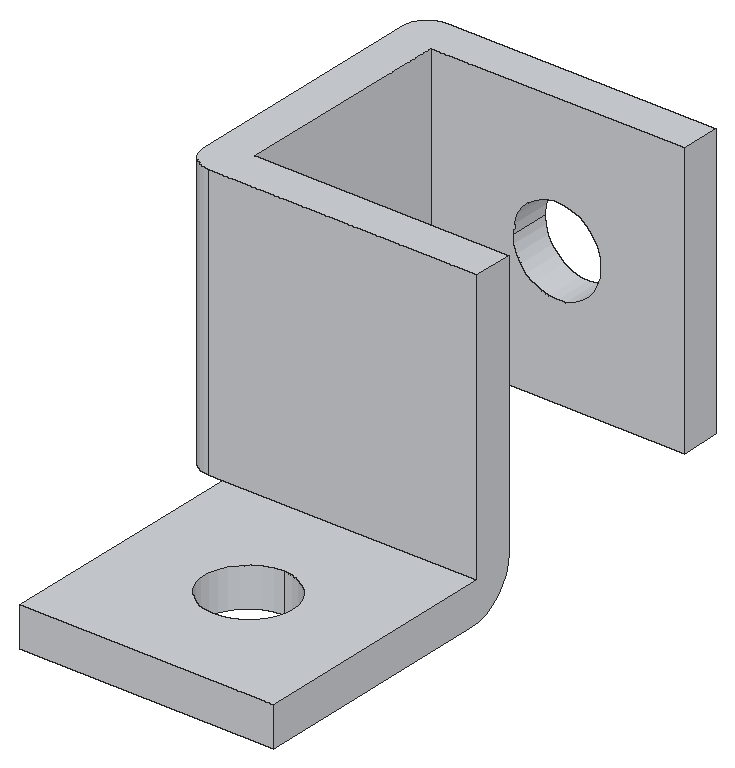
Revit family "Fitting-Wing_Shape-Unistrut-P2472L", category Specialty Equipment, Revit 2012
Parameters (values of type "P2472L")
  ecoScorecard_data = "http://products.ecoscorecard.com/atkore/P2472L"
  ecoScorecard Product Page = "http://products.ecoscorecard.com/atkore/P2472L?action=html"
  Weight Per Piece = 0.75 lbf
  Unit = none
  Unistrut Part Number = "P2472L"  # constant formula
  URL = "http://unistrut.us/index.php"
  Thickness = 0' - 0 1/4"  # constant formula
  Subcategory = "Wing Shape Fittings"  # constant formula
  Product Page URL = "http://unistrut.us/index.php?WP=cat_detail&S=S05&P=P2472L"
  Power Strut Part Number = "PS 2117 L"  # constant formula
  Part Type = "Fitting"  # constant formula
  Overall Width = 0' - 3 17/32"  # constant formula
  Overall Length = 0' - 1 5/8"  # constant formula
  Overall Height = 0' - 2"  # constant formula
  Model = "P2472L"
  Material = ""
  Manufacturer Phone - Toll Free = "800-882-5543"  # constant formula
  Manufacturer Phone = "708-339-1610"  # constant formula
  Manufacturer Fax = "708-339-7814"  # constant formula
  Manufacturer Email = "mailto:jshaw@atkore.com"
  Manufacturer Address = "16100 South Lathrop Avenue, Harvey, IL 60426"  # constant formula
  Manufacturer = "Unistrut by Atkore International"  # constant formula
  Load Capacity Note = "Visit the product page for load application and capacity."  # constant formula
  Literature URL = "http://unistrut.us/index.php?WP=LItLibrary"
  Hole Diameter = 0' - 0 9/16"
  Cost Info = "mailto:jshaw@atkore.com"
  CAD URL = "http://unistrut.us/index.php?WP=CAD3d"
  Assembly Code = "D5020100"
  95 CSI = "16070"  # constant formula
  04 CSI = "26 05 48"  # constant formula
Reference planes (in)
  plane 1 "Center (Front/Back)": y = 0
  plane 2: z = 0
  plane 3 "Center (Left/Right)": x = 0
  plane 4: z = 2
  plane 5: z = 0.25
  plane 6: y = -1.88891
  plane 7: z = 1.125
Dimensions and locks (in)
  "Overall Height": plane 4 to plane 2
  nested 1 to nested 1 = 0' - 1 7/8"
  nested 1 to nested 1 = 0' - 1 21/32"
  "Overall Length": nested 1 to nested 1
  "Thickness": plane 5 to plane 2
  "Overall Width": nested 1 to nested 1
  aligned and locked: level to plane 2
  aligned and locked: plane 1 "Center (Front/Back)" to nested 1
  aligned and locked: plane 3 "Center (Left/Right)" to nested 1
Nested families (in)
  nested 1: "2472L" at (0, 0, 0), type "2472L"
Definition of nested family "2472L"
  Parameters (values of type "2472L")
    Width = 0' - 3 17/32"
    Unit = none
    Thickness = 0' - 0 1/4"
    Height = 0' - 2"
    Radiuis = Diameter / 2  # 0' - 0 9/32"
    Length = 0' - 1 5/8"
    Diameter = 0' - 0 9/16"
    Default Elevation = 0' - 0"
    Bolt Length [instance] = 0' - 1 1/2"
  Reference planes (in)
    plane 1 "Center (Front/Back)": y = 0
    plane 2: z = 0
    plane 3 "Center (Left/Right)": x = 0
    plane 4: x = -0.8125
    plane 5: z = 2
    plane 6: z = 0.25
    plane 7: z = 1.125
    plane 8: y = -2.70141
    plane 9: y = 0.82984
  Forms (in)
    Extrusion 1, solid, material <- "Unit"
      sketch origin (0, 0.00172, 2) x (-1, 0, 0) y (0, -1, 0)
        loop
          line (-0.8125, -0.82812) -> (0.90329, -0.82812)
          arc (0.90329, -0.82812) -> (1.01587, -0.78149) -> (1.0625, -0.66892) r 0.15921
          line (1.0625, -0.66892) -> (1.0625, -0.57812) -> (-0.8125, -0.57812) -> (-0.8125, -0.82812)
      from -1.75 to 0
    Extrusion 2, solid, material <- "Unit"
      sketch origin (0, 0.00172, 2) x (0, -1, 0) y (1, 0, 0)
        loop
          line (-0.57812, -1.0625) -> (0.91892, -1.0625)
          arc (0.91892, -1.0625) -> (1.03149, -1.01587) -> (1.07813, -0.90329) r 0.15921
          line (1.07813, -0.90329) -> (1.07813, -0.8125) -> (-0.57812, -0.8125) -> (-0.57812, -1.0625)
      from -1.75 to 0
    Extrusion 3, void
      sketch origin (0, 0.00172, 2) x (1, 0, 0) y (0, 0, 1)
        loop
          circle (0, -0.875) r 0.28125
      from -0.82812 to -0.57812
    Extrusion 4, solid, material <- "Unit"
      sketch origin (0, 0.00172, 2) x (0, 1, 0) y (0, 0, 1)
        loop
          line (-0.82813, 0) -> (-1.07813, 0) -> (-1.07813, -1.75) -> (-2.70313, -1.75) -> (-2.70313, -2) -> (-1.12298, -2)
          arc (-1.12298, -2) -> (-0.91449, -1.91364) -> (-0.82813, -1.70514) r 0.29486
          line (-0.82813, -1.70514) -> (-0.82813, 0)
      from -0.8125 to 0.8125
    Extrusion 5, void
      sketch origin (0, 0.00172, 2) x (0, -1, 0) y (1, 0, 0)
        loop
          circle (1.89063, 0) r 0.28125
      from -1.75 to -2
  Cuts and joins
    Extrusion 3 cuts Extrusion 1
    Extrusion 5 cuts Extrusion 4
    joined: Extrusion 1, Extrusion 2, Extrusion 4
  Dimensions and locks (in)
    plane 4 to plane 3 "Center (Left/Right)" = 0' - 0 13/16"
    "Height": plane 5 to plane 2
    "Thickness": plane 6 to plane 2
    cut or joined group of Extrusion 1, Extrusion 2, Extrusion 3, Extrusion 4, Extrusion 5 to cut or joined group of Extrusion 1, Extrusion 2, Extrusion 3, Extrusion 4, Extrusion 5 = 0' - 1 7/8"
    "Radiuis": radius of Extrusion 3 sketch curve
    "Radiuis": radius of Extrusion 5 sketch curve
    aligned and locked: level to plane 2
    aligned and locked: plane 7 to Extrusion 3 sketch curve
    aligned and locked: plane 3 "Center (Left/Right)" to Extrusion 3 sketch curve
    aligned and locked: Extrusion 2 to Extrusion 1
    aligned and locked: Extrusion 1 to Extrusion 3  (x2)
  Automatic sketch dimensions
    Extrusion 2 sketch curve to plane 4 = 0' - 0"
    Extrusion 2 sketch curve to plane 1 "Center (Front/Back)" = 0' - 0.57984"
    Extrusion 2 sketch curve to plane 4 = 0' - 0 1/4"
    plane 1 "Center (Front/Back)" to Extrusion 2 sketch curve = 0' - 0.9172"
    Extrusion 2 sketch curve to plane 4 = 0' - 0.09079"
    Extrusion 4 sketch curve to level = 0' - 0"
    Extrusion 4 sketch curve to plane 5 = 0' - 0"
    level to Extrusion 4 sketch curve = 0' - 0 1/4"
    plane 1 "Center (Front/Back)" to Extrusion 4 sketch curve = 0' - 2.70141"
    plane 1 "Center (Front/Back)" to Extrusion 4 sketch curve = 0' - 1.12127"
    Extrusion 4 sketch curve to Extrusion 4 sketch curve = 0' - 0.04486"
    Extrusion 4 sketch curve to Extrusion 4 sketch curve = 0' - 0 1/4"
    Extrusion 5 sketch curve to plane 3 "Center (Left/Right)" = 0' - 0"
    plane 1 "Center (Front/Back)" to Extrusion 5 sketch curve = 0' - 1.88891"
    Extrusion 1 sketch curve to plane 9 = 0' - 0"
    Extrusion 1 sketch curve to plane 9 = 0' - 0 1/4"
    plane 3 "Center (Left/Right)" to Extrusion 1 sketch curve = 0' - 0 13/16"
    Extrusion 1 sketch curve to plane 4 = 0' - 0.09079"
    Extrusion 1 sketch curve to Extrusion 1 sketch curve = 0' - 0.15921"
